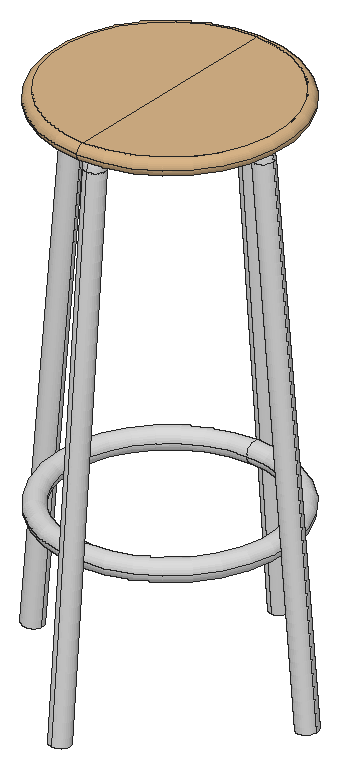
Revit family
Parameters
  Assembly Code = "E2020200"
  Height = 2' - 10"
  Radius = 0' - 7 1/2"
Reference planes (in)
  plane 1 "Center F/B": y = 0
  plane 2: z = 0
  plane 3 "Center L/R": x = 0
  plane 4: z = 34
  plane 5: z = 10
Forms (in)
  Sweep 1, solid, material "Stainless"
    path origin (0, 0, 0) x (1, 0, 0) y (0, 0, 1)
      loop
        line (8.88713, 0) -> (6.07986, 32.08716)
        arc (6.07986, 32.08716) -> (5.75926, 32.73728) -> (5.08367, 33) r 1
        line (5.08367, 33) -> (-5.08367, 33)
        arc (-5.08367, 33) -> (-5.75926, 32.73728) -> (-6.07986, 32.08716) r 1
        line (-6.07986, 32.08716) -> (-8.88713, 0)
    profile origin (0, 0, 0) x (0, 0, -1) y (0, -1, 0)
      loop
        circle (-33, 0) r 0.625
  Sweep 2, solid, material "Stainless"
    path origin (0, 0, 0) x (0, 1, 0) y (0, 0, 1)
      loop
        line (-8.88713, 0) -> (-6.07986, 32.08716)
        arc (-6.07986, 32.08716) -> (-5.75926, 32.73728) -> (-5.08367, 33) r 1
        line (-5.08367, 33) -> (5.08367, 33)
        arc (5.08367, 33) -> (5.75926, 32.73728) -> (6.07986, 32.08716) r 1
        line (6.07986, 32.08716) -> (8.88713, 0)
    profile origin (0, 0, 0) x (0, 0, 1) y (1, 0, 0)
      loop
        circle (33, 0) r 0.625
  Revolve 3, solid, material "Wood - Birch"
    sketch origin (0, 0, 0) x (0, 1, 0) y (0, 0, 1)
      loop
        line (0, 34) -> (0, 33) -> (7, 33)
        arc (7, 33) -> (7.35355, 33.14645) -> (7.5, 33.5) r 0.5
        arc (7.5, 33.5) -> (7.35355, 33.85355) -> (7, 34) r 0.5
        line (7, 34) -> (0, 34)
      axis (0, 33) -> (0, 34)
    angle from 0 to 360
  Sweep 4, solid, material "Stainless"
    path origin (0, 0, 10) x (0, -1, 0) y (1, 0, 0)
      loop
        circle (0, 0) r 8.2645
    profile origin (0, 0, 10) x (-1, 0, 0) y (0, 0, 1)
      loop
        circle (6.85692, -0.01729) r 0.625
Lines and regions (in)
  symbolic lines
    curve 1: arc (8.01463, 0, 0) -> (0, 8.01463, 0) -> (-8.01463, 0, 0) r 8.01463
    curve 2: arc (-8.01463, 0, 0) -> (0, -8.01463, 0) -> (8.01463, 0, 0) r 8.01463
    curve 3: line (0.625, 8.91681, 0) -> (0.625, 7.99022, 0)
    curve 4: line (-0.625, 8.91681, 0) -> (-0.625, 7.99022, 0)
    curve 5: arc (-0.625, 8.91681, 0) -> (0, 9.54181, 0) -> (0.625, 8.91681, 0) r 0.625
    curve 6: line (-8.91681, 0.625, 0) -> (-7.99022, 0.625, 0)
    curve 7: line (-8.91681, -0.625, 0) -> (-7.99022, -0.625, 0)
    curve 8: line (-0.625, -8.91681, 0) -> (-0.625, -7.99022, 0)
    curve 9: line (0.625, -8.91681, 0) -> (0.625, -7.99022, 0)
    curve 10: line (8.91681, -0.625, 0) -> (7.99022, -0.625, 0)
    curve 11: line (8.91681, 0.625, 0) -> (7.99022, 0.625, 0)
    curve 12: arc (-8.91681, 0.625, 0) -> (-9.54181, 0, 0) -> (-8.91681, -0.625, 0) r 0.625
    curve 13: arc (8.91681, 0.625, 0) -> (9.54181, 0, 0) -> (8.91681, -0.625, 0) r 0.625
    curve 14: arc (-0.625, -8.91681, 0) -> (0, -9.54181, 0) -> (0.625, -8.91681, 0) r 0.625
Dimensions and locks (in)
  "Height": plane 4 to plane 2
  "Radius": plane 1 "Center F/B" to Revolve 3 sketch curve
  locked: Revolve 3 sketch curve to Revolve 3 sketch curve at 0.5
Automatic sketch dimensions
  Sweep 1 sketch curve to level = 0' - 0"  (x2)
  Sweep 1 sketch curve to plane 3 "Center L/R" = 0' - 8.88713"
  plane 4 to Sweep 1 sketch curve = 0' - 1.91284"
  Sweep 1 sketch curve to plane 3 "Center L/R" = 0' - 6.07986"
  plane 4 to Sweep 1 sketch curve = 0' - 1"
  Sweep 1 sketch curve to Sweep 1 sketch curve = 0' - 0.99619"  (x2)
  plane 3 "Center L/R" to Sweep 1 sketch curve = 0' - 5.08367"
  plane 3 "Center L/R" to Sweep 1 sketch curve = 0' - 8.88713"
  Sweep 1 sketch curve to Sweep 1 sketch curve = 0' - 1"
  Sweep 1 sketch curve to plane 1 "Center F/B" = 0' - 0"
  Sweep 1 sketch curve to profile plane = 0' - 0"
  profile plane to Sweep 1 sketch curve = 0' - 0 5/8"
  Sweep 2 sketch curve to level = 0' - 0"  (x2)
  plane 1 "Center F/B" to Sweep 2 sketch curve = 0' - 8.88713"
  plane 4 to Sweep 2 sketch curve = 0' - 1.91284"  (x2)
  plane 1 "Center F/B" to Sweep 2 sketch curve = 0' - 6.07986"
  Sweep 2 sketch curve to Sweep 2 sketch curve = 0' - 0.99619"  (x2)
  Sweep 2 sketch curve to plane 1 "Center F/B" = 0' - 5.08367"
  Sweep 2 sketch curve to plane 1 "Center F/B" = 0' - 8.88713"
  Sweep 2 sketch curve to Sweep 2 sketch curve = 0' - 0.08716"
  Sweep 2 sketch curve to plane 3 "Center L/R" = 0' - 0"
  Sweep 2 sketch curve to profile plane = 0' - 0"
  profile plane to Sweep 2 sketch curve = 0' - 0 5/8"
  Revolve 3 sketch curve to plane 1 "Center F/B" = 0' - 0"  (x2)
  Revolve 3 sketch curve to plane 4 = 0' - 0"
  Revolve 3 sketch curve to Revolve 3 sketch curve = 0' - 0"
  Revolve 3 sketch curve to plane 4 = 0' - 2"
  Revolve 3 sketch curve to Revolve 3 sketch curve = 0' - 2"
  Sweep 4 sketch curve to plane 3 "Center L/R" = 0' - 0"
  Sweep 4 sketch curve to plane 1 "Center F/B" = 0' - 0"
  Sweep 4 sketch curve to Sweep 4 sketch curve = 0' - 8.2645"
  curve 12 to plane 1 "Center F/B" = 0' - 0"
  curve 2 to plane 1 "Center F/B" = 0' - 0"
  curve 5 to plane 3 "Center L/R" = 0' - 0"
  curve 1 to plane 3 "Center L/R" = 0' - 0"
  curve 14 to plane 3 "Center L/R" = 0' - 0"
  curve 13 to plane 1 "Center F/B" = 0' - 0"
  curve 14 to curve 14 = 0' - 0 5/8"
  curve 4 to plane 3 "Center L/R" = 0' - 0 5/8"
  curve 6 to plane 1 "Center F/B" = 0' - 0 5/8"
  curve 6 to plane 3 "Center L/R" = 0' - 7.99022"
  curve 7 to curve 7 = 0' - 0.92659"
  curve 11 to plane 1 "Center F/B" = 0' - 0 5/8"
  curve 10 to curve 13 = 0' - 0.92659"
  curve 14 to curve 8 = 0' - 0.92659"
  curve 4 to curve 5 = 0' - 0.92659"
  plane 5 to Sweep 4 sketch curve = 0' - 0.01729"
  profile plane to Sweep 4 sketch curve = 0' - 2.03258"
  Sweep 4 sketch curve to Sweep 4 sketch curve = 0' - 0 5/8"
